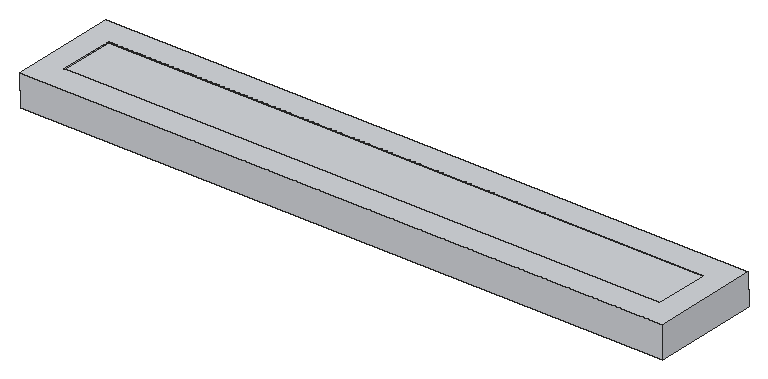
Revit family "EURS_63_LF_FB_CoreLine Surface Mounted SM136V 20x120", category Lighting Fixtures, host Face, Revit 2018
Family settings
  Host = Face
  Round Connector Dimension = Use Diameter
  Part Type = Normal
  Cut with Voids When Loaded = No
  Light Source = No
  Shared = Yes
  Room Calculation Point = No
Parameters (values of type "Type catalog")
  Width 01 = 105 mm
  Width = 200 mm
  Voltage (V) = 230 V
  Visibility 2D symbol [instance] = no
  Visibility 2D outline rectangle [instance] = not(Visibility 2D symbol)  # yes
  URL = "http://www.lighting.philips.com/main/home"
  Type Comments = "Face Based"
  Thickness 01 = 30 mm
  Product catalog - URL = "MODEL WEBPAGE"
  Order code = "ORDER CODE"
  Model = "SM136V 20x120"
  Manufacturer = "Philips"
  Light source = 2 mm
  Light loss factor = ""
  Length 01 = Length - 85 mm  # 1115 mm
  Length = 1200 mm
  Last IES update = "DATE"
  Lamp = "LAMP TYPE"
  Initial luminous flux (lm) = ""
  Init. Corr. Color Temperature (K) = ""
  Height 01 = 10 mm
  Height = 59 mm
  Fixture code = "Fixture code"
  ETIM code URL = "https://prod.etim-international.com/Class/Details?classId=EC002892&classVersion=2"
  ETIM code = "EC002892"
  EOC = "EOC CODE"
  Description = "CoreLine"
  Default Elevation = 0 mm
  Content version = "1.0"
  Content modified date = "DATE"
  Content creation date = "14-12-2020"
  Content Creator = "https://www.cadac.com/bimcontent"
  BIM Library - URL = "http://www.lighting.philips.com/main/support/support/revit-library#page=1"
  Armatuurcode [instance] = ""
  Apparent Load = 0 VA
  12NC = "12NC CODE"
Reference planes
  plane 1 "Center (Front/Back)": y = 0
  plane 2: z = 0
  plane 3 "Center (Left/Right)": x = 0
  plane 4: x = -600
  plane 5: y = -100
  plane 6: y = 100
  plane 7: x = 600
  plane 8: z = 59
  plane 9 "Light emitting surface": z = 61
  plane 10 "bovenkant lamp": z = -10
  plane 11 "Lamp links": x = -557.5
  plane 12 "Lanmp Rechts": x = 557.5
  plane 13 "Lamp Onder": y = -52.5
  plane 14 "Lamp boven": y = 52.5
  plane 15: z = 57
  plane 16 "Center L/S": x = -527.5
  plane 17 "Center L/T": x = 527.5
Forms (mm)
  Extrusion 1, solid
    sketch origin (0, 0, 0) x (1, 0, 0) y (0, 0, 1)
      loop
        line (600, 0) -> (600, 59) -> (-600, 59) -> (-600, 0) -> (600, 0)
    from -100 to 100
  Extrusion 2, void
    sketch origin (0, 0, 0) x (1, 0, 0) y (0, 1, 0)
      loop
        line (-557.5, -52.5) -> (557.5, -52.5) -> (557.5, 52.5) -> (-557.5, 52.5) -> (-557.5, -52.5)
    from 57 to 59
  Extrusion 3, solid
    sketch origin (0, 0, 0) x (1, 0, 0) y (0, 0, 1)
      loop
        line (-557.5, 0) -> (-557.5, -10) -> (-527.5, -10) -> (-527.5, 0) -> (-557.5, 0)
    from -52.5 to 52.5
  Extrusion 4, solid
    sketch origin (0, 0, 0) x (1, 0, 0) y (0, 0, 1)
      loop
        line (527.5, 0) -> (527.5, -10) -> (557.5, -10) -> (557.5, 0) -> (527.5, 0)
    from -52.5 to 52.5
Cuts and joins
  Extrusion 2 cuts Extrusion 1
Dimensions and locks
  equal spacing: host sketch curve, plane 1 "Center (Front/Back)", host sketch curve
  equal spacing: host sketch curve, plane 3 "Center (Left/Right)", host sketch curve
  "Length": plane 4 to plane 7
  equal spacing: plane 4, plane 3 "Center (Left/Right)", plane 7
  equal spacing: plane 5, plane 1 "Center (Front/Back)", plane 6
  "Width": plane 5 to plane 6
  "Height": plane 8 to plane 2
  "Light source": plane 9 "Light emitting surface" to plane 8
  equal spacing: plane 11 "Lamp links", plane 3 "Center (Left/Right)", plane 12 "Lanmp Rechts"
  "Length 01": plane 11 "Lamp links" to plane 12 "Lanmp Rechts"
  "Width 01": plane 14 "Lamp boven" to plane 13 "Lamp Onder"
  equal spacing: plane 14 "Lamp boven", plane 1 "Center (Front/Back)", plane 13 "Lamp Onder"
  "Light source": plane 8 to plane 15
  "Thickness 01": plane 16 "Center L/S" to plane 11 "Lamp links"
  "Thickness 01": plane 17 "Center L/T" to plane 12 "Lanmp Rechts"
  "Height 01": level to plane 10 "bovenkant lamp"
  aligned and locked: plane 2 to host face
  aligned and locked: level to host face
  aligned and locked: plane 7 to nested 1
  aligned and locked: plane 6 to nested 1
  aligned and locked: nested 1 to plane 5
  aligned and locked: nested 1 to plane 4
  aligned and locked: Extrusion 1 to plane 6
  aligned and locked: Extrusion 1 to plane 5
  aligned and locked: Extrusion 2 to plane 15
  aligned and locked: plane 8 to Extrusion 2
  aligned and locked: plane 14 "Lamp boven" to Extrusion 4
  aligned and locked: Extrusion 4 to plane 13 "Lamp Onder"
  aligned and locked: Extrusion 3 to plane 13 "Lamp Onder"
  aligned and locked: plane 14 "Lamp boven" to Extrusion 3
  aligned and locked: Extrusion 1 to level
  aligned and locked: plane 8 to cut or joined group of Extrusion 1, Extrusion 2
  aligned and locked: Extrusion 3 to plane 10 "bovenkant lamp"
  aligned and locked: Extrusion 4 to plane 10 "bovenkant lamp"
Automatic sketch dimensions
  Extrusion 1 sketch curve to plane 4 = 0 mm
  plane 7 to Extrusion 1 sketch curve = 0 mm
  Extrusion 1 sketch curve to level = 0 mm
  Extrusion 1 sketch curve to Extrusion 1 sketch curve = 59 mm
  Extrusion 2 sketch curve to plane 11 "Lamp links" = 0 mm
  Extrusion 2 sketch curve to plane 12 "Lanmp Rechts" = 0 mm
  Extrusion 2 sketch curve to plane 13 "Lamp Onder" = 0 mm
  Extrusion 2 sketch curve to plane 14 "Lamp boven" = 0 mm
  Extrusion 3 sketch curve to plane 10 "bovenkant lamp" = 0 mm
  Extrusion 3 sketch curve to plane 11 "Lamp links" = 0 mm
  Extrusion 3 sketch curve to plane 16 "Center L/S" = 0 mm
  Extrusion 3 sketch curve to level = 0 mm
  Extrusion 4 sketch curve to plane 10 "bovenkant lamp" = 0 mm
  plane 17 "Center L/T" to Extrusion 4 sketch curve = 0 mm
  plane 12 "Lanmp Rechts" to Extrusion 4 sketch curve = 0 mm
  Extrusion 4 sketch curve to level = 0 mm
Nested families
  nested 1: "2D-PL-Rechthoekig" at (0, 0, 0), Width <- "Width", lengte <- "Length", visible <- "Visibility 2D outline rectangle", type "2D symbool"
    with lengte 1200 mm, Width 200 mm
  nested 2: "PL-TL armatuur plafond rechthoekig" at (0, 0, 0), l1 <- "Length", visible <- "Visibility 2D symbol", type "armatuur tl"
    with lengte 1200 mm, l1 1200 mm
Connectors
  electrical at (0, 0, 0), driven by "Apparent Load", driven by "Voltage (V)"
    settings: on host face, index 1, voltage 230 V, apparent load 0 VA, apparent load phase1 0 VA, apparent load phase2 0 VA, apparent load phase3 0 VA, power factor 1, load classification "Other", number of poles 1, system type 31, power factor state 1, is connector primary yes, connector utility no, sub classification motor no, connector description ""
Definition of nested family "2D-PL-Rechthoekig"
  Parameters (values of type "2D symbool")
    lengte [instance] = 1200 mm
    Width [instance] = 100 mm
    Type Comments = "GEEN CALCULATIEOBJECT"
    Manufacturer = ""
    Description = "Armatuur 2D symbool"
    Copyright © Cadac = "www.cadac.com/aec"
    Cadac content versie = ""
    Assembly Code = ""
  Reference planes
    plane 1 "Center (Front/Back)": y = 0
    plane 2: z = 0
    plane 3 "Center (Left/Right)": x = 0
    plane 4: y = 150
    plane 5: y = -150
    plane 6: y = 176.777
    plane 7: x = -176.777
    plane 8: x = 176.777
    plane 9: y = -176.777
    plane 10 "Cadac Group AEC": y = 0
    plane 11: y = 400
    plane 12: y = -191.421
    plane 13: y = -206.066
    plane 14: y = -220.711
    plane 15: y = -235.355
  Lines and regions (mm)
    symbolic lines
      curve 1: line (600, 50, 0) -> (600, -50, 0)
      curve 2: line (-600, 50, 0) -> (-600, -50, 0)
      curve 3: line (-600, 50, 0) -> (600, 50, 0)
      curve 4: line (-600, -50, 0) -> (600, -50, 0)
  Dimensions and locks
    equal spacing: curve 2, plane 3 "Center (Left/Right)", curve 1
    "lengte": curve 2 to curve 1
    equal spacing: plane 5, plane 1 "Center (Front/Back)", plane 4
    locked: plane 4 to plane 5 at 300
    equal spacing: curve 4, plane 1 "Center (Front/Back)", curve 3
    "Width": curve 4 to curve 3
    locked: plane 7 to plane 8 at 353.553
    locked: plane 6 to plane 9 at 353.553
    equal spacing: plane 7, plane 3 "Center (Left/Right)", plane 8
    equal spacing: plane 6, plane 1 "Center (Front/Back)", plane 9
    locked: plane 1 "Center (Front/Back)" to plane 11 at 400
    equal spacing: plane 9, plane 12, plane 13, plane 14, plane 15
    locked: plane 9 to plane 15 at 58.579
    aligned and locked: plane 10 "Cadac Group AEC" to plane 1 "Center (Front/Back)"
Definition of nested family "PL-TL armatuur plafond rechthoekig"
  Parameters (values of type "armatuur tl_generiek")
    radius cirkel = 75 mm
    lengte [instance] = 1200 mm
    l1 [instance] = 1200 mm
    b2 = b1 * 2  # 100 mm
    b1 = 50 mm
    Type Comments = "GEEN CALCULATIEOBJECT"  # constant formula
    Manufacturer = ""
    Length lines in cirkel = (radius cirkel * 2) - 70 mm  # 80 mm
    Description = "Armatuur TL"
    Copyright © Cadac = "www.cadac.com/aec"
    Cadac content versie = "3.2"  # constant formula
    Assembly Code = ""
  Types (2, lengths in mm): name | radius cirkel | b2 | b1 | Length lines in cirkel
    armatuur tl_generiek | 75 | 100 | 50 | 80
    armatuur tl | 125 | 200 | 100 | 180
  Reference planes
    plane 1 "Center (Front/Back)": y = 0
    plane 2: z = 0
    plane 3 "Center (Left/Right)": x = 0
    plane 4: y = 50
    plane 5: y = -50
    plane 6: y = 176.777
    plane 7: x = -40
    plane 8: x = 40
    plane 9: y = -176.777
    plane 10 "Cadac Group AEC": y = 0
    plane 11: y = 400
    plane 12: y = -191.421
    plane 13: y = -206.066
    plane 14: y = -220.711
    plane 15: y = -235.355
  Lines and regions (mm)
    symbolic lines
      curve 1: circle (0, 0, 0) r 75 normal (0, 0, 1)
      curve 2: line (600, 50, 0) -> (600, -50, 0)
      curve 3: line (600, -8.333, 0) -> (74.536, -8.333, 0)
      curve 4: line (600, 8.333, 0) -> (74.536, 8.333, 0)
      curve 5: line (600, 25, 0) -> (70.711, 25, 0)
      curve 6: line (600, -25, 0) -> (70.711, -25, 0)
      curve 7: line (-600, 50, 0) -> (-600, -50, 0)
      curve 8: line (-600, -8.333, 0) -> (-74.536, -8.333, 0)
      curve 9: line (-600, 8.333, 0) -> (-74.536, 8.333, 0)
      curve 10: line (-600, 25, 0) -> (-70.711, 25, 0)
      curve 11: line (-600, -25, 0) -> (-70.711, -25, 0)
      curve 12: line (-40, 63.443, 0) -> (40, -63.443, 0)
      curve 13: line (-40, -63.443, 0) -> (40, 63.443, 0)
  Dimensions and locks
    equal spacing: curve 7, plane 3 "Center (Left/Right)", curve 2
    "l1": curve 7 to curve 2
    equal spacing: plane 5, plane 1 "Center (Front/Back)", plane 4
    equal spacing: curve 5, curve 4, curve 3, curve 6
    equal spacing: curve 5, plane 1 "Center (Front/Back)", curve 6
    "b1": curve 5 to curve 6
    equal spacing: curve 11, curve 8, curve 9, curve 10
    equal spacing: curve 11, plane 1 "Center (Front/Back)", curve 10
    "b1": curve 11 to curve 10
    "Length lines in cirkel": plane 7 to plane 8
    locked: plane 6 to plane 9 at 353.553
    equal spacing: plane 7, plane 3 "Center (Left/Right)", plane 8
    equal spacing: plane 6, plane 1 "Center (Front/Back)", plane 9
    locked: plane 1 "Center (Front/Back)" to plane 11 at 400
    equal spacing: plane 9, plane 12, plane 13, plane 14, plane 15
    locked: plane 9 to plane 15 at 58.579
    "b2": plane 5 to plane 4
    "radius cirkel": radius of curve 1
    aligned and locked: plane 4 to curve 7
    aligned and locked: plane 4 to curve 2
    aligned and locked: plane 5 to curve 2
    aligned and locked: plane 5 to curve 7
    aligned and locked: plane 10 "Cadac Group AEC" to plane 1 "Center (Front/Back)"
    aligned and locked: plane 7 to curve 12
    aligned and locked: plane 7 to curve 13
    aligned and locked: plane 8 to curve 13
    aligned and locked: plane 8 to curve 12
  Automatic sketch dimensions
    plane 1 "Center (Front/Back)" to curve 1 = 0 mm
    curve 1 to plane 3 "Center (Left/Right)" = 0 mm
